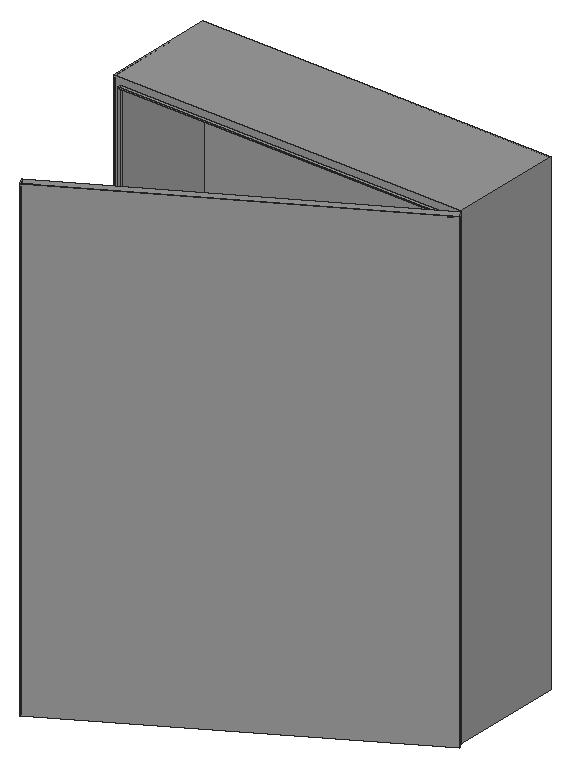
Revit family "Hager-Univers-IP55-D275-H1100-Cl.I-Steel_encl-NoHosted-CH-fr", category Electrical Equipment, Revit 2020
Family settings
  Panel Configuration = Two Columns, Circuits Across
  Round Connector Dimension = Use Diameter
  Part Type = Panelboard
  Work Plane-Based = Yes
  Always vertical = Yes
  Cut with Voids When Loaded = No
  Shared = No
  Room Calculation Point = No
Parameters (values of type "saillie IP55 L800 H1100 P275  - FR73E")
  Width Control [instance] = if([EF000008 - largeur] > Min Width, [EF000008 - largeur], Min Width)  # 800 mm
  Type Comments = [HG000003 - Gamme]  # "Univers"
  Thickness Door [instance] = if([EF009171 - épaisseur de matériau de la porte/du couvercle] > 3 mm, 3 mm, [EF009171 - épaisseur de matériau de la porte/du couvercle])  # 1.5 mm
  Seal Frame Offset [instance] = 17 mm  # constant formula
  Plinth Visibility [instance] = [HG000027 - Hauteur du socle] > 0 mm  # no
  Min Width [instance] = 100 mm  # constant formula
  Min Depth [instance] = (2 * [EF009170 - épaisseur de matériau du boîtier]) + 1 mm  # 4 mm
  Min Height [instance] = 100 mm  # constant formula
  Internal Frame Depth [instance] = (Door System Depth * 0.5)  # 9 mm
  Panel Name [instance] = ""  # (empty or 0)
  Model = ""
  HG000027 - Hauteur du socle = 0 mm
  HG000026 - Installation au sol = no
  HG000024 - Hauteur de la section basse = 600 mm
  HG000023 - Armoire double section = no
  HG000016 - Visibilité de la porte 3D [instance] = yes
  HG000015 - Visibilité de l'emprise de la porte [instance] = no
  HG000014 - Porte à droite [instance] = yes
  HG000013 - Porte à gauche [instance] = not([HG000014 - Porte à droite])  # no
  HG000012 - Angle de pivotement de la porte [instance] = 30.00°
  HG000010 - Portes asymétriques = no
  HG000009 - Porte à double battant = no
  HG000006 - Encastré = no
  HG000004 - Référence fabricant = "FR73E"
  HG000003 - Gamme = "Univers"
  HG000002 - avec porte = yes
  Frame Offset Bottom [instance] = 10 mm  # constant formula
  Frame Offset [instance] = 15 mm  # constant formula
  EF015940 - couvercle avec décharge de pression = no
  EF011959 - degré de protection (NEMA) = ""
  EF009554 - nombre d'ouvertures pour plaques à bride = 6
  EF009212 - finition du couvercle = "EV000116 - fermé"
  EF009171 - épaisseur de matériau de la porte/du couvercle = 1.5 mm
  EF009170 - épaisseur de matériau du boîtier = 1.5 mm
  EF008873 - courant nominal (In) = 800 A
  EF007800 - adapté à un parafoudre = no
  EF006306 - avec serrure = no
  EF006244 - couvercle/porte transparent(e) = no
  EF005474 - indice de protection (IP) = "EV006420 - IP55"
  EF004464 - type de porte = "EV002646 - unique"
  EF004427 - nombre de modules = 252
  EF004293 - indice de protection contre les chocs (IK) = "EV008784 - IK10"
  EF003532 - convient pour utilisation à l’extérieur = no
  EF002950 - largeur en nombre de modules = 24
  EF001613 - maintien de fonction = "EV000494 - sans"
  EF001596 - matériau du boîtier/corps = "EV000179 - acier"
  EF001131 - profondeur intérieure = 275 mm
  EF001088 - possibilité de montage en saillie = yes
  EF000437 - nombre d'entrées de conduit = 6
  EF000339 - type de capot = "EV004216 - porte"
  EF000266 - nombre de rangées = 7
  EF000218 - profondeur d'encastrement = 0 mm
  EF000118 - avec cadre/support de montage = no
  EF000116 - numéro RAL = "7035"
  EF000049 - profondeur = 275 mm
  EF000040 - hauteur = 1100 mm
  EF000008 - largeur = 800 mm
  EF000007 - couleur = "EV000270 - gris"
  EF000003 - mode de pose = "EV000384 - saillie"
  Door System Leaf Tolerance [instance] = 1.5 mm  # constant formula
  Door System Depth [instance] = 18 mm  # constant formula
  Door Height [instance] = Height Control - [HG000027 - Hauteur du socle]  # 1100 mm
  Description = ""
  Default Elevation = 1219.2 mm
  Connector Offset [instance] = Height Control / 2  # 550 mm
  Manufacturer = "Hager"  # constant formula
  Height Control [instance] = if([EF000040 - hauteur] > Min Height, [EF000040 - hauteur], Min Height)  # 1100 mm
  Depth Control [instance] = if([EF000049 - profondeur] > Min Depth, [EF000049 - profondeur], Min Depth)  # 275 mm
  Bottom Top Plate Trim [instance] = 1.5 mm  # constant formula
  Plinth height Ctrl [instance] = if([HG000027 - Hauteur du socle] > 0 mm, [HG000027 - Hauteur du socle], 12 mm)  # 12 mm
Types (5, lengths in mm): name | Width Control | HG000010 - Portes asymétriques | HG000009 - Porte à double battant | HG000004 - Référence fabricant | EF009554 - nombre d'ouvertures pour plaques à bride | EF004464 - type de porte | EF004427 - nombre de modules | EF000437 - nombre d'entrées de conduit | EF000008 - largeur
  saillie IP55 L1050 H1100 P275  - FR74E | 1050 | no | yes | "FR74E" | 8 | "EV003602 - double" | 336 | 8 | 1050
  saillie IP55 L1300 H1100 P275  - FR75E | 1300 | yes | yes | "FR75E" | 10 | "EV003602 - double" | 420 | 10 | 1300
  saillie IP55 L300 H1100 P275  - FR71E | 300 | no | no | "FR71E" | 2 | "EV002646 - unique" | 84 | 2 | 300
  saillie IP55 L550 H1100 P275  - FR72E | 550 | no | no | "FR72E" | 4 | "EV002646 - unique" | 168 | 4 | 550
  saillie IP55 L800 H1100 P275  - FR73E | 800 | no | no | "FR73E" | 6 | "EV002646 - unique" | 252 | 6 | 800
Reference planes
  plane 1 "Center (Front/Back)": y = 0
  plane 2: z = 0
  plane 3 "Center (Left/Right)": x = 0
  plane 4: y = 0
  plane 5: y = 0
  plane 6: z = 0
  plane 7: x = -400
  plane 8: x = 400
  plane 9: x = 398.5
  plane 10: x = -398.5
  plane 11: z = 0
  plane 12: z = 1.5
  plane 13: y = -275
  plane 14: y = -1.5
  plane 15: x = 0
  plane 16: y = -257
  plane 17: y = -273.5
  plane 18: y = -255.5
  plane 19: x = -383.5
  plane 20: x = 383.5
  plane 21: z = 11.5
  plane 22: x = -383
  plane 23: x = 383
  plane 24: z = 0
  plane 25: z = 1100
  plane 26: z = 1100
  plane 27: z = 1083.5
  plane 28: z = 1098.5
Forms (mm)
  Extrusion 1, solid, material "Hager_Steel_RAL7035_Light_Grey", detail levels medium+fine
    sketch origin (-208.679, -4572, 0) x (-1, 0, 0) y (0, -1, 0)
      loop
        line (191.321, -4315) -> (-608.679, -4315) -> (-608.679, -4572) -> (191.321, -4572) -> (191.321, -4315)
    from 0 to 1100
  Extrusion 2, void
    sketch origin (-350.771, -275, 1219.2) x (1, 0, 0) y (0, 0, 1)
      loop
        line (-47.729, -120.7) -> (-47.729, -1217.7) -> (749.271, -1217.7) -> (749.271, -120.7) -> (-47.729, -120.7)
    from -19.5 to -273.5
  Extrusion 3, void
    sketch origin (-290.084, -257, 1219.2) x (1, 0, 0) y (0, 0, 1)
      loop
        line (-93.416, -1207.7) -> (673.584, -1207.7) -> (673.584, -135.7) -> (-93.416, -135.7) -> (-93.416, -1207.7)
    from 0 to -1.5
  Extrusion 4, solid, material "Hager_Steel_RAL7035_Light_Grey", visible <- "Plinth Visibility", detail levels medium+fine
    sketch origin (0, 0, 0) x (1, 0, 0) y (0, 1, 0)
      loop
        line (-400, 0) -> (-400, -257) -> (400, -257) -> (400, 0) -> (-400, 0)
    from 0 to 12 <- "Plinth height Ctrl"
  Extrusion 5, solid, material "Hager_Steel_RAL7035_Light_Grey", detail levels coarse
    sketch origin (0, 0, 0) x (1, 0, 0) y (0, 1, 0)
      loop
        line (-400, 0) -> (-400, -275) -> (400, -275) -> (400, 0) -> (-400, 0)
    from 0 to 1100 <- "Height Control"
  Sweep 6, void
    path in 3D
      loop
        line (-400, -257, 12) -> (400, -257, 12) -> (400, 0, 12) -> (-400, 0, 12) -> (-400, -257, 12)
    profile origin (-400, -128.5, 12) x (1, 0, 0) y (0, 0, 1)
      loop
        line (0, 0) -> (0, -1.5) -> (1.5, -1.5)
        arc (1.5, -1.5) -> (1.061, -0.439) -> (0, 0) r 1.5
  Extrusion 7, solid, material "Hager_Steel_RAL7035_Light_Grey", detail levels fine
    sketch origin (-400, -257, 0) x (1, 0, 0) y (0, 0, 1)
      loop
        line (16.5, 11.5) -> (783.5, 11.5) -> (783.5, 1083.5) -> (16.5, 1083.5) -> (16.5, 11.5)
      loop
        line (15, 10) -> (785, 10) -> (785, 1085) -> (15, 1085) -> (15, 10)
    from 0 to 9 <- "Internal Frame Depth"
Cuts and joins
  Extrusion 2, Extrusion 3 cuts Extrusion 1
  Sweep 6 cuts Extrusion 4
Lines and regions (mm)
  Masking region 1
    outline origin (0, 0, 0) x (1, 0, 0) y (0, 1, 0)
      loop
        line (-400, 0) -> (-400, -275) -> (400, -275) -> (400, 0) -> (-400, 0)
  Masking region 2, detail levels coarse
    outline origin (-290.084, -257, 1219.2) x (-1, 0, 0) y (0, 0, 1)
      loop
        line (-690.084, -1219.2) -> (109.916, -1219.2) -> (109.916, -119.2) -> (-690.084, -119.2) -> (-690.084, -1219.2)
  Masking region 3, detail levels coarse
    outline origin (0, 0, 0) x (0, 1, 0) y (0, 0, 1)
      loop
        line (0, 0) -> (0, 1100) -> (-275, 1100) -> (-275, 0) -> (0, 0)
  Masking region 4, visible <- "Plinth Visibility", detail levels medium+fine
    outline origin (0, 0, 0) x (0, 1, 0) y (0, 0, 1)
      loop
        line (-1.5, 12) -> (-255.5, 12)
        arc (-255.5, 12) -> (-255.939, 10.939) -> (-257, 10.5) r 1.5
        line (-257, 10.5) -> (-257, 0) -> (0, 0) -> (0, 10.5)
        arc (0, 10.5) -> (-1.061, 10.939) -> (-1.5, 12) r 1.5
  Masking region 5, detail levels medium+fine
    outline origin (0, 0, 594.038) x (0, 1, 0) y (0, 0, 1)
      loop
        line (0, -594.038) -> (0, 505.962) -> (-257, 505.962) -> (-257, -594.038) -> (0, -594.038)
  Masking region 6, detail levels medium+fine
    outline origin (-359.7, -257, 1211.883) x (-1, 0, 0) y (0, 0, 1)
      loop
        line (-759.7, -1211.883) -> (40.3, -1211.883) -> (40.3, -111.883) -> (-759.7, -111.883) -> (-759.7, -1211.883)
  Masking region 7, visible <- "Plinth Visibility", detail levels medium+fine
    outline origin (-320.334, -257, 1041.368) x (-1, 0, 0) y (0, 0, 1)
      loop
        line (-720.334, -1041.368) -> (79.666, -1041.368) -> (79.666, -1030.868)
        arc (79.666, -1030.868) -> (78.606, -1030.429) -> (78.166, -1029.368) r 1.5
        line (78.166, -1029.368) -> (-718.834, -1029.368)
        arc (-718.834, -1029.368) -> (-719.273, -1030.429) -> (-720.334, -1030.868) r 1.5
        line (-720.334, -1030.868) -> (-720.334, -1041.368)
  sketch lines
    curve 1: line (-400, 0, 12) -> (-400, -257, 12)
    curve 2: line (-400, -257, 12) -> (400, -257, 12)
    curve 3: line (400, 0, 12) -> (-400, 0, 12)
    curve 4: line (400, -257, 12) -> (400, 0, 12)
Dimensions and locks
  locked: plane 1 "Center (Front/Back)" to plane 5
  "EF009170 - épaisseur de matériau du boîtier": plane 7 to plane 10
  "EF009170 - épaisseur de matériau du boîtier": plane 8 to plane 9
  equal spacing: plane 7, plane 3 "Center (Left/Right)", plane 8
  "Width Control": plane 7 to plane 8
  "Depth Control": plane 4 to plane 13
  "EF009170 - épaisseur de matériau du boîtier": plane 4 to plane 14
  "Height Control": plane 25 to level
  "HG000027 - Hauteur du socle": plane 11 to level
  "EF009170 - épaisseur de matériau du boîtier": plane 12 to plane 11
  "EF009170 - épaisseur de matériau du boîtier": plane 17 to plane 13
  "EF009170 - épaisseur de matériau du boîtier": plane 18 to plane 16
  "Frame Offset Bottom": plane 21 to plane 12
  "Frame Offset": plane 10 to plane 19
  "Frame Offset": plane 9 to plane 20
  "Door System Depth": plane 16 to plane 13
  "Seal Frame Offset": plane 7 to plane 22
  "Seal Frame Offset": plane 8 to plane 23
  "EF009170 - épaisseur de matériau du boîtier": plane 26 to plane 28
  "Frame Offset": plane 28 to plane 27
  "Connector Offset": plane 2 to connector elem
  "Bottom Top Plate Trim": profile plane to Sweep 6 sketch curve
  "Bottom Top Plate Trim": Sweep 6 sketch curve to Sweep 6 sketch curve
  "Plinth height Ctrl": Masking region 4 sketch curve to level
  "Plinth height Ctrl": Masking region 7 sketch curve to level
  "Thickness Door": Extrusion 7 sketch curve to Extrusion 7 sketch curve  (x4)
  "Bottom Top Plate Trim": radius of Sweep 6 sketch curve
  "Bottom Top Plate Trim": radius of Masking region 4 sketch curve  (x2)
  "Bottom Top Plate Trim": radius of Masking region 7 sketch curve  (x2)
  aligned and locked: Extrusion 2 sketch curve to plane 12
  aligned and locked: Extrusion 2 sketch curve to plane 9
  aligned and locked: Extrusion 2 sketch curve to plane 10
  aligned and locked: Extrusion 2 to plane 14
  aligned and locked: Extrusion 1 sketch curve to plane 4
  aligned and locked: plane 8 to Extrusion 1 sketch curve
  aligned and locked: plane 7 to Extrusion 1 sketch curve
  aligned and locked: Extrusion 2 to plane 18
  aligned and locked: Extrusion 3 sketch curve to plane 19
  aligned and locked: plane 20 to Extrusion 3 sketch curve
  aligned and locked: Extrusion 3 to Extrusion 2
  aligned and locked: Extrusion 3 sketch curve to plane 21
  aligned and locked: plane 3 "Center (Left/Right)" to nested 1
  aligned and locked: Extrusion 1 sketch curve to plane 16
  aligned and locked: Extrusion 4 sketch curve to cut or joined group of Extrusion 1, Extrusion 2, Extrusion 3
  aligned and locked: Masking region 1 sketch curve to plane 7
  aligned and locked: Masking region 1 sketch curve to plane 5
  aligned and locked: Masking region 1 sketch curve to plane 8
  aligned and locked: Masking region 2 sketch curve to level
  aligned and locked: level to Masking region 3 sketch curve
  aligned and locked: plane 1 "Center (Front/Back)" to Masking region 3 sketch curve
  aligned and locked: plane 13 to Masking region 3 sketch curve
  aligned and locked: plane 5 to Masking region 4 sketch curve
  aligned and locked: Masking region 2 sketch curve to plane 8
  aligned and locked: Masking region 2 sketch curve to plane 7
  aligned and locked: plane 7 to nested 2
  aligned and locked: nested 2 to plane 5
  aligned and locked: plane 5 to Masking region 5 sketch curve
  aligned and locked: plane 26 to Masking region 5 sketch curve
  aligned and locked: Extrusion 5 sketch curve to plane 8
  aligned and locked: Extrusion 5 sketch curve to plane 7
  aligned and locked: Extrusion 5 sketch curve to plane 5
  aligned and locked: Extrusion 3 sketch curve to plane 27
  aligned and locked: Extrusion 2 sketch curve to plane 28
  aligned and locked: Masking region 2 to plane 25
  aligned and locked: Extrusion 4 to plane 16
  aligned and locked: profile plane to Sweep 6 sketch curve
  aligned and locked: Masking region 5 sketch curve to plane 24
  aligned and locked: level to Masking region 4 sketch curve
  aligned and locked: Masking region 1 to plane 13
  aligned and locked: nested 1 to plane 16
  aligned and locked: Masking region 3 to plane 25
  aligned and locked: plane 16 to Masking region 4 sketch curve
  aligned and locked: Masking region 5 sketch curve to plane 16
  aligned and locked: plane 24 to plane 11
  aligned and locked: plane 26 to plane 25
  aligned and locked: plane 26 to cut or joined group of Extrusion 1, Extrusion 2, Extrusion 3
  aligned and locked: nested 1 to plane 24
  aligned and locked: Extrusion 1 to Extrusion 3
  aligned and locked: Masking region 6 sketch curve to plane 8
  aligned and locked: Masking region 6 sketch curve to plane 24
  aligned and locked: Masking region 6 sketch curve to plane 7
  aligned and locked: Masking region 6 sketch curve to plane 26
  aligned and locked: Masking region 7 sketch curve to plane 7
  aligned and locked: level to Masking region 7 sketch curve
  aligned and locked: Masking region 7 sketch curve to plane 8
  aligned and locked: Extrusion 7 sketch curve to cut or joined group of Extrusion 1, Extrusion 2, Extrusion 3  (x4)
Automatic sketch dimensions
  plane 19 to Extrusion 3 sketch curve = 0 mm
  Extrusion 3 sketch curve to plane 20 = 0 mm
  Extrusion 3 sketch curve to plane 21 = 0 mm
  Extrusion 4 sketch curve to plane 7 = 0 mm
  Extrusion 4 sketch curve to plane 8 = 0 mm
  Extrusion 4 sketch curve to plane 16 = 0 mm
  Masking region 1 sketch curve to plane 13 = 0 mm
  Masking region 2 sketch curve to plane 25 = 0 mm
  Masking region 3 sketch curve to plane 25 = 0 mm
  Extrusion 5 sketch curve to plane 13 = 0 mm
  profile plane to Sweep 6 sketch curve = 0 mm
Nested families
  nested 1: "EC000058_Univers_Door" at (0, -257, 0), Double <- "HG000009 - Porte à double battant", Transparent <- "EF006244 - couvercle/porte transparent(e)", Angle <- "HG000012 - Angle de pivotement de la porte", Door_Right <- "HG000014 - Porte à droite", Assymetrical <- "HG000010 - Portes asymétriques", Door <- "HG000002 - avec porte", Width_Ctrl <- "Width Control", 3d_Door <- "HG000016 - Visibilité de la porte 3D", Clearance <- "HG000015 - Visibilité de l'emprise de la porte", Door_Left <- "HG000013 - Porte à gauche", Width <- "Width Control", Door_Depth <- "Door System Depth", Leaf_Tolerance <- "Door System Leaf Tolerance", Height <- "Door Height", Lock_Visibility <- "EF006306 - avec serrure", Thickness <- "Thickness Door", type "EC000058_Univers_Door", detail levels medium+fine
    with min_wh 4 mm, Width_Ctrl 800 mm, Width 800 mm, Transparent no, Thickness 1.5 mm, Seal_Material Hager_Rubber, Lock_Visibility no, Lock_Material Hager_Plastic_RAL9005_Jet_Black, Leaf_Width 800 mm, Leaf_Tolerance_External_Sides 0 mm, Leaf_Tolerance 1.5 mm, Leaf_Offset 0 mm, Leaf_Height 1097 mm, Leaf_2_Width 800 mm, Leaf_2_Offset 400 mm, Leaf_1_Width 800 mm, Leaf_1_Offset 400 mm, Height_Ctrl 1100 mm, Height 1100 mm, Glass_Material Hager_Glass, Double_Clearance_Ctrl no, Double no, Door_Right_Ctrl yes, Door_Right yes, Door_Material Hager_Steel_RAL7035_Light_Grey, Door_Left_Ctrl no, Door_Left no, Door_Depth 18 mm, Door yes, Clearance_Material Hager_Clearance, Clearance_Depth 800 mm, Clearance_Ctrl no, Clearance no, Assymetrical no, Angle 30.00°, 3d_Door yes
  nested 2: "Hager_Enclosure_Symbol" at (-400, 0, 0), Height <- "Depth Control", Width <- "Width Control", type "Hager_Enclosure_Symbol"
    with Width_Ctrl 800 mm, Width 800 mm, Height_Ctrl 275 mm, Height 275 mm, A_Width_Int 18.047 mm, A_Width 216.562 mm, A_Height_Ctrl 240.625 mm, A_Height 240.625 mm
Connectors
  electrical at (0, 0, 550)
    settings: on plane 1 "Center (Front/Back)", index 1, voltage 0 V, apparent load 0 VA, apparent load phase1 0 VA, apparent load phase2 0 VA, apparent load phase3 0 VA, power factor 1, load classification "Other", number of poles 1, system type 30, power factor state 1, is connector primary yes, connector utility no, sub classification motor no, connector description ""
Definition of nested family "EC000058_Univers_Door"
  Parameters (values of type "EC000058_Univers_Door")
    min_wh [instance] = (2 * Thickness) + 1 mm  # 11 mm
    Width_Ctrl [instance] = 400 mm
    Width [instance] = 500 mm
    Transparent [instance] = yes
    Thickness [instance] = 5 mm
    Seal_Material [instance] = none
    Lock_Visibility [instance] = yes
    Lock_Material [instance] = none
    Leaf_Width [instance] = if((Width_Ctrl - 2 * Leaf_Tolerance_External_Sides) > 0 mm, (Width_Ctrl - 2 * Leaf_Tolerance_External_Sides), min_wh)  # 400 mm
    Leaf_Tolerance_External_Sides [instance] = 0 mm  # constant formula
    Leaf_Tolerance [instance] = 1.5 mm
    Leaf_Offset [instance] = 0 mm  # constant formula
    Leaf_Height [instance] = if((Height_Ctrl - 2 * Leaf_Tolerance) > 0 mm, (Height_Ctrl - 2 * Leaf_Tolerance), min_wh)  # 497 mm
    Leaf_2_Width [instance] = if(and(and(Double, Assymetrical), Door_Left), (Leaf_Width / 3) - (Leaf_Tolerance / 2), if(and(and(Double, Assymetrical), Door_Right), (Leaf_Width / 3) * 2 - (Leaf_Tolerance / 2), if(and(Double, not(Assymetrical)), (Leaf_Width / 2) - Leaf_Tolerance, Leaf_Width)))  # 400 mm
    Leaf_2_Offset [instance] = if(and(Double, Assymetrical), Leaf_2_Width / 2, if(and(Double, not(Assymetrical)), Leaf_Width / 4, Leaf_Width / 2))  # 200 mm
    Leaf_1_Width [instance] = if(and(and(Double, Assymetrical), Door_Right), (Leaf_Width / 3) - (Leaf_Tolerance / 2), if(and(and(Double, Assymetrical), Door_Left), (Width / 3) * 2 - (Leaf_Tolerance / 2), if(and(Double, not(Assymetrical)), (Leaf_Width / 2) - Leaf_Tolerance, Leaf_Width)))  # 400 mm
    Leaf_1_Offset [instance] = if(and(Double, Assymetrical), Leaf_1_Width / 2, if(and(Double, not(Assymetrical)), Leaf_Width / 4, Leaf_Width / 2))  # 200 mm
    Height_Ctrl [instance] = if(Height > min_wh, Height, min_wh)  # 500 mm
    Height [instance] = 500 mm
    Glass_Material [instance] = none
    Double_Clearance_Ctrl [instance] = and(Double, Clearance)  # no
    Double [instance] = no
    Door_Right_Ctrl [instance] = and(or(Door_Right, Double), Door)  # yes
    Door_Right [instance] = yes
    Door_Material [instance] = none
    Door_Left_Ctrl [instance] = and(or(Door_Left, Double), Door)  # no
    Door_Left [instance] = no
    Door_Depth [instance] = 30 mm
    Door [instance] = yes
    Default Elevation = 1219.2 mm
    Clearance_Material [instance] = none
    Clearance_Depth [instance] = if(Leaf_1_Width > Leaf_2_Width, Leaf_1_Width, Leaf_2_Width)  # 400 mm
    Clearance_Ctrl [instance] = and(not(Double), Clearance)  # yes
    Clearance [instance] = yes
    Assymetrical [instance] = yes
    Angle [instance] = 30.00°
    3d_Door [instance] = yes
  Reference planes
    plane 1 "Center (Front/Back)": y = 0
    plane 2 "Bottom": z = 0
    plane 3 "Center (Left/Right)": x = 0
    plane 4: z = 500
    plane 5: x = -200
    plane 6: x = 200
    plane 7: z = 500
    plane 8: x = -200
    plane 9: z = 0
    plane 10: x = 200
    plane 11: y = 0
    plane 12: z = 1.5
    plane 13: x = -600
    plane 14: y = -400
    plane 15: x = 600
    plane 16: x = 0
    plane 17: x = 0
    plane 18: x = -200
    plane 19: x = 200
    plane 20: z = 498.5
  Forms (mm)
    Extrusion 1, solid, material <- "Clearance_Material", visible <- "Double_Clearance_Ctrl"
      sketch origin (1200, 0, 0) x (1, 0, 0) y (0, 0, -1)
        loop
          line (-1800, -498.5) -> (-600, -498.5) -> (-600, 0) -> (-1800, 0) -> (-1800, -498.5)
      from 0 to -400
  Dimensions and locks
    equal spacing: plane 5, plane 3 "Center (Left/Right)", plane 6
    "Width_Ctrl": plane 5 to plane 6
    "Leaf_Offset": plane 5 to plane 8
    "Leaf_Offset": plane 6 to plane 10
    "Leaf_Offset": plane 9 to level
    "Leaf_Offset": plane 4 to plane 7
    "Height_Ctrl": plane 4 to level
    "Leaf_Tolerance": plane 12 to plane 9
    locked: plane 11 to plane 1 "Center (Front/Back)"
    "Leaf_1_Offset": plane 18 to plane 16
    "Leaf_2_Offset": plane 17 to plane 19
    "Leaf_1_Width": plane 13 to plane 8
    "Leaf_2_Width": plane 10 to plane 15
    "Clearance_Depth": plane 14 to plane 1 "Center (Front/Back)"
    "Leaf_Tolerance_External_Sides": plane 8 to plane 18
    "Leaf_Tolerance_External_Sides": plane 19 to plane 10
    "Leaf_Tolerance": plane 7 to plane 20
    aligned and locked: level to plane 2 "Bottom"
    aligned and locked: nested 1 to plane 16
    aligned and locked: nested 2 to plane 17
    aligned and locked: Extrusion 1 to plane 13
    aligned and locked: plane 15 to Extrusion 1
    aligned and locked: Extrusion 1 to plane 14
    aligned and locked: plane 12 to nested 1
    aligned and locked: nested 2 to plane 12
    aligned and locked: Extrusion 1 to plane 11
    aligned and locked: plane 20 to Extrusion 1
    aligned and locked: nested 2 to plane 11
    aligned and locked: nested 1 to plane 11
  Automatic sketch dimensions
    Extrusion 1 sketch curve to level = 0 mm
    plane 5 to Extrusion 1 sketch curve = 400 mm
    plane 6 to Extrusion 1 sketch curve = 400 mm
    Extrusion 1 sketch curve to plane 4 = 1.5 mm
  Nested families
    nested 1: "EC000058_Univers_Door_Leaf" at (0, 0, 1.5), Width <- "Leaf_1_Width", visible <- "Door_Left_Ctrl", Leaf_Height <- "Leaf_Height", Angle <- "Angle", 3d_Door <- "3d_Door", Transparent <- "Transparent", Clearance Material <- "Clearance_Material", Clearance <- "Clearance_Ctrl", Door_Material <- "Door_Material", Glass_Material <- "Glass_Material", Door_Depth <- "Door_Depth", Lock_Material <- "Lock_Material", Seal_Material <- "Seal_Material", Lock_Visibility <- "Lock_Visibility", Thickness <- "Thickness", type "EC000058_Univers_Door_Leaf"
      with Width 400 mm, Transparent_Glass_Offset 30 mm, Transparent_Ctrl yes, Transparent yes, Thickness 5 mm, Standard no, Seal_Material none, Seal_D2 8 mm, Seal_D1 1 mm, Offset_Internal_Frame 10 mm, Lock_Width 20 mm, Lock_Visibility_3d yes, Lock_Visibility yes, Lock_Thickness_3 3 mm, Lock_Thickness_2 1 mm, Lock_Thickness_1 3 mm, Lock_Radius_Offset_2 16 mm, Lock_Radius_Offset_1 15 mm, Lock_Radius_2 5 mm, Lock_Radius 6 mm, Lock_Offset 5 mm, Lock_Material none, Lock_Height 80 mm, Lock_Cover_Top_Offset_2d 17 mm, Lock_Cover_Height -65 mm, Leaf_Height 497 mm, Internal_Seal_Thickness 8 mm, Internal_Seal_Depth_2 4.5 mm, Internal_Frame_Depth 25 mm, Glass_Thickness -1 mm, Glass_Offset -2 mm, Glass_Material none, Door_Material none, Door_Depth 30 mm, Clearance Material none, Clearance yes, Angle_Ctrl 30.00°, Angle 30.00°, 3d_Door yes
    nested 2: "EC000058_Univers_Door_Leaf" at (0, 0, 1.5) x (-1, 0, 0) z (0, 0, 1), Width <- "Leaf_2_Width", visible <- "Door_Right_Ctrl", Leaf_Height <- "Leaf_Height", Angle <- "Angle", 3d_Door <- "3d_Door", Transparent <- "Transparent", Clearance Material <- "Clearance_Material", Clearance <- "Clearance_Ctrl", Door_Material <- "Door_Material", Glass_Material <- "Glass_Material", Door_Depth <- "Door_Depth", Lock_Material <- "Lock_Material", Seal_Material <- "Seal_Material", Lock_Visibility <- "Lock_Visibility", Thickness <- "Thickness", type "EC000058_Univers_Door_Leaf"
      with Width 400 mm, Transparent_Glass_Offset 30 mm, Transparent_Ctrl yes, Transparent yes, Thickness 5 mm, Standard no, Seal_Material none, Seal_D2 8 mm, Seal_D1 1 mm, Offset_Internal_Frame 10 mm, Lock_Width 20 mm, Lock_Visibility_3d yes, Lock_Visibility yes, Lock_Thickness_3 3 mm, Lock_Thickness_2 1 mm, Lock_Thickness_1 3 mm, Lock_Radius_Offset_2 16 mm, Lock_Radius_Offset_1 15 mm, Lock_Radius_2 5 mm, Lock_Radius 6 mm, Lock_Offset 5 mm, Lock_Material none, Lock_Height 80 mm, Lock_Cover_Top_Offset_2d 17 mm, Lock_Cover_Height -65 mm, Leaf_Height 497 mm, Internal_Seal_Thickness 8 mm, Internal_Seal_Depth_2 4.5 mm, Internal_Frame_Depth 25 mm, Glass_Thickness -1 mm, Glass_Offset -2 mm, Glass_Material none, Door_Material none, Door_Depth 30 mm, Clearance Material none, Clearance yes, Angle_Ctrl 30.00°, Angle 30.00°, 3d_Door yes
  Definition of nested family "EC000058_Univers_Door_Leaf"
    Parameters (values of type "EC000058_Univers_Door_Leaf")
      Width [instance] = 2000 mm
      Transparent_Glass_Offset [instance] = 30 mm
      Transparent_Ctrl [instance] = and(Transparent, [3d_Door])  # yes
      Transparent [instance] = yes
      Thickness [instance] = 5 mm
      Standard [instance] = and(not(Transparent), [3d_Door])  # no
      Seal_Material [instance] = none
      Seal_D2 [instance] = 8 mm  # constant formula
      Seal_D1 [instance] = 1 mm  # constant formula
      Offset_Internal_Frame [instance] = 10 mm  # constant formula
      Lock_Width [instance] = 20 mm  # constant formula
      Lock_Visibility_3d [instance] = and(Lock_Visibility, [3d_Door])  # yes
      Lock_Visibility [instance] = yes
      Lock_Thickness_3 [instance] = 3 mm  # constant formula
      Lock_Thickness_2 [instance] = 1 mm  # constant formula
      Lock_Thickness_1 [instance] = 3 mm  # constant formula
      Lock_Radius_Offset_2 [instance] = Lock_Radius_Offset_1 + 1 mm  # 16 mm
      Lock_Radius_Offset_1 [instance] = 15 mm  # constant formula
      Lock_Radius_2 [instance] = Lock_Radius - 1 mm  # 5 mm
      Lock_Radius [instance] = 6 mm  # constant formula
      Lock_Offset [instance] = 5 mm  # constant formula
      Lock_Material [instance] = none
      Lock_Height [instance] = 80 mm  # constant formula
      Lock_Cover_Top_Offset_2d [instance] = Lock_Radius_Offset_2 + 1 mm  # 17 mm
      Lock_Cover_Height [instance] = -(Lock_Height - Lock_Radius_Offset_1)  # -65 mm
      Leaf_Height [instance] = 2720.336 mm
      Internal_Seal_Thickness [instance] = 8 mm  # constant formula
      Internal_Seal_Depth_2 [instance] = 4.5 mm  # constant formula
      Internal_Frame_Depth [instance] = if(Door_Depth - Thickness > 5 mm, Door_Depth - Thickness, 5 mm)  # 25 mm
      Glass_Thickness [instance] = if(Thickness > 15 mm, Glass_Offset + 10 mm, -1 mm)  # -1 mm
      Glass_Offset [instance] = if(Thickness > 15 mm, -(Thickness + 10 mm) / 2, -2 mm)  # -2 mm
      Glass_Material [instance] = none
      Door_Material [instance] = none
      Door_Depth [instance] = 30 mm
      Default Elevation = 0 mm
      Clearance Material [instance] = none
      Clearance [instance] = yes
      Angle_Ctrl [instance] = if(Angle > 180.00°, 180.00°, Angle)  # 90.00°
      Angle [instance] = 90.00°
      3d_Door [instance] = yes
    Reference planes
      plane 1 "Center (Front/Back)": y = 0
      plane 2: z = 0
      plane 3 "Center (Left/Right)": x = 0
      plane 4: y = 2000
      plane 5: x = -1000
      plane 6: x = 1000
      plane 7: x = -3000
      plane 8: z = 2720.336
      plane 9: z = 30
      plane 10: z = 2690.336
      plane 11: x = 970
      plane 12: x = -970
      plane 13: y = -3
      plane 14: z = 107.833
      plane 15: y = -5
      plane 16: y = -223.314
      plane 17: x = -1000
      plane 18: z = 1360.168
      plane 19: y = 30
    Forms (mm)
      Extrusion 1, solid, material <- "Clearance Material", visible <- "Clearance"
        sketch origin (0, 0, 0) x (1, 0, 0) y (0, 0, 1)
          loop
            line (-3000, 2720.336) -> (-3000, 0) -> (1000, 0) -> (1000, 2720.336) -> (-3000, 2720.336)
        from 0 to -2000
      Extrusion 2, solid, material <- "Door_Material", visible <- "Standard", detail levels medium+fine
        sketch origin (-1000, 0, 0) x (0, 1, 0) y (-1, 0, 0)
          loop
            line (0, 30) -> (0, 25) -> (2000, 25) -> (2000, 30) -> (0, 30)
        from 0 to 2720.336 <- "Leaf_Height"
      Extrusion 3, solid, material <- "Door_Material", visible <- "Transparent_Ctrl", detail levels medium+fine
        sketch origin (-1000, 0, 0) x (0, 1, 0) y (-1, 0, 0)
          loop
            line (0, 25) -> (2000, 25) -> (2000, 30) -> (0, 30) -> (0, 25)
        from 0 to 2720.336 <- "Leaf_Height"
      Extrusion 4, void
        sketch origin (-1025, 2000, 0) x (0, 1, 0) y (0, 0, -1)
          loop
            line (-30, -2690.336) -> (-30, -30) -> (-1970, -30) -> (-1970, -2690.336) -> (-30, -2690.336)
        from 0 to 5 <- "Thickness"
      Sweep 5, solid, material <- "Seal_Material", visible <- "Transparent_Ctrl", detail levels fine
        path in 3D
          loop
            line (-1025, 30, 30) -> (-1025, 30, 2690.336) -> (-1025, 1970, 2690.336) -> (-1025, 1970, 30) -> (-1025, 30, 30)
        profile origin (-1025, 1000, 30) x (1, 0, 0) y (0, 0, 1)
          loop
            line (0, 0) -> (0, -8) -> (1, -8) -> (1, 0) -> (0, 0)
      Extrusion 6, solid, material <- "Glass_Material", visible <- "Transparent_Ctrl", detail levels medium+fine
        sketch origin (-1030, 0, 0) x (0, 1, 0) y (0, 0, -1)
          loop
            line (1970, -2690.336) -> (1970, -30) -> (30, -30) -> (30, -2690.336) -> (1970, -2690.336)
        from -2 <- "Glass_Offset" to -1 <- "Glass_Thickness"
      Extrusion 7, solid, material <- "Door_Material", visible <- "3d_Door", detail levels medium+fine
        sketch origin (-1025, 2000, 0) x (0, -1, 0) y (0, 0, -1)
          loop
            line (0, -2720.336) -> (2000, -2720.336) -> (2000, 0) -> (0, 0) -> (0, -2720.336)
          loop
            line (1995, -5) -> (5, -5) -> (5, -2715.336) -> (1995, -2715.336) -> (1995, -5)
        from 0 to 25 <- "Internal_Frame_Depth"
      Sweep 8, solid, material <- "Seal_Material", visible <- "Transparent_Ctrl", detail levels fine
        path in 3D
          loop
            line (-1025, 0, 0) -> (-1025, 2000, 0) -> (-1025, 2000, 2720.336) -> (-1025, 0, 2720.336) -> (-1025, 0, 0)
        profile origin (-1025, 0, 1360.168) x (1, 0, 0) y (0, 1, 0)
          loop
            line (0, 10) -> (2.975, 10)
            arc (2.975, 10) -> (4.053, 10.447) -> (4.5, 11.525) r 1.525
            line (4.5, 11.525) -> (4.5, 16.527)
            arc (4.5, 16.527) -> (4.069, 17.569) -> (3.027, 18) r 1.473
            line (3.027, 18) -> (0, 18) -> (0, 10)
      Extrusion 9, solid, material <- "Lock_Material", visible <- "Lock_Visibility_3d", detail levels fine
        sketch origin (-1030, 0, 0) x (0, 1, 0) y (0, 0, -1)
          loop
            arc (1993.5, -1400.168) -> (1994.561, -1399.729) -> (1995, -1398.668) r 1.5
            line (1995, -1398.668) -> (1995, -1320.168) -> (1975, -1320.168) -> (1975, -1398.668)
            arc (1975, -1398.668) -> (1975.439, -1399.729) -> (1976.5, -1400.168) r 1.5
            line (1976.5, -1400.168) -> (1993.5, -1400.168)
        from 3 <- "Lock_Thickness_1" to 0
      Blend 10, solid, material <- "Lock_Material", visible <- "Lock_Visibility_3d", detail levels fine
        base sketch origin (-1033, 0, 0) x (0, 1, 0) y (0, 0, -1)
          loop
            line (1975, -1320.168) -> (1975, -1398.668)
            arc (1975, -1398.668) -> (1975.439, -1399.729) -> (1976.5, -1400.168) r 1.5
            line (1976.5, -1400.168) -> (1993.5, -1400.168)
            arc (1993.5, -1400.168) -> (1994.561, -1399.729) -> (1995, -1398.668) r 1.5
            line (1995, -1398.668) -> (1995, -1320.168) -> (1975, -1320.168)
        top sketch origin (-1033, 0, 0) x (0, 1, 0) y (0, 0, -1)
          loop
            line (1976, -1320.168) -> (1976, -1398.668)
            arc (1976, -1398.668) -> (1976.146, -1399.022) -> (1976.5, -1399.168) r 0.5
            line (1976.5, -1399.168) -> (1993.5, -1399.168)
            arc (1993.5, -1399.168) -> (1993.854, -1399.022) -> (1994, -1398.668) r 0.5
            line (1994, -1398.668) -> (1994, -1320.168) -> (1976, -1320.168)
        from 0 to 1 <- "Lock_Thickness_2"
      Blend 11, solid, material <- "Lock_Material", visible <- "Lock_Visibility_3d", detail levels fine
        base sketch origin (-1034, 0, 0) x (0, 1, 0) y (0, 0, -1)
          loop
            line (1978, -1320.168) -> (1978, -1384.168)
            arc (1978, -1384.168) -> (1985, -1391.168) -> (1992, -1384.168) r 7
            line (1992, -1384.168) -> (1992, -1320.168) -> (1978, -1320.168)
        top sketch origin (-1034, 0, 0) x (0, 1, 0) y (0, 0, -1)
          loop
            line (1991, -1320.168) -> (1979, -1320.168) -> (1979, -1383.168)
            arc (1979, -1383.168) -> (1985, -1389.168) -> (1991, -1383.168) r 6
            line (1991, -1383.168) -> (1991, -1320.168)
        from 0 to 3 <- "Lock_Thickness_3"
      Extrusion 12, solid, material <- "Lock_Material", visible <- "Lock_Visibility_3d", detail levels fine
        sketch origin (-1030, 1975, 1320.168) x (1, 0, 0) y (0, -1, 0)
          loop
            line (-7, -19) -> (-7, -1) -> (0, -1) -> (0, 0) -> (-8, 0) -> (-8, -20) -> (0, -20) -> (0, -19) -> (-7, -19)
        from 0 to -65 <- "Lock_Cover_Height"
      Extrusion 13, void
        sketch origin (-1038, 1995, 1320.168) x (-1, 0, 0) y (0, 0, -1)
          loop
            line (-5, -65) -> (0, -65) -> (-5, -60) -> (-5, -65)
        from 0 to 20 <- "Lock_Width"
      Extrusion 14, void
        sketch origin (-1038, 1975, 1320.168) x (0, -1, 0) y (0, 0, -1)
          loop
            circle (-10, -15.995) r 6
          loop
            circle (-10, -15.995) r 5
        from 0 to 2
      Extrusion 15, solid, material <- "Lock_Material", visible <- "Lock_Visibility_3d", detail levels medium
        sketch origin (-1030, 0, 0) x (0, 1, 0) y (0, 0, -1)
          loop
            arc (1993.5, -1400.168) -> (1994.561, -1399.729) -> (1995, -1398.668) r 1.5
            line (1995, -1398.668) -> (1995, -1320.168) -> (1975, -1320.168) -> (1975, -1398.668)
            arc (1975, -1398.668) -> (1975.439, -1399.729) -> (1976.5, -1400.168) r 1.5
            line (1976.5, -1400.168) -> (1993.5, -1400.168)
        from 8 to 0
    Cuts and joins
      Extrusion 4 cuts Extrusion 3
      Extrusion 13, Extrusion 14 cuts Extrusion 9
      Extrusion 14 cuts Blend 11
      Extrusion 13, Extrusion 14 cuts Extrusion 12
      joined: Extrusion 9, Blend 10, Blend 11, Extrusion 12
      Extrusion 14 cuts Extrusion 15
    Lines and regions (mm)
      Masking region 1, visible <- "Lock_Visibility", detail levels fine
        outline origin (0, 0, 0) x (0, 1, 0) y (0, 0, 1)
          loop
            line (30, 1320.168) -> (33, 1320.168) -> (33, 1400.168) -> (30, 1400.168) -> (30, 1320.168)
      Masking region 2, visible <- "Lock_Visibility", detail levels fine
        outline origin (0, 3.143, 0) x (0, 1, 0) y (0, 0, 1)
          loop
            line (29.857, 1354.168) -> (30.857, 1354.168) -> (30.857, 1366.168) -> (29.857, 1366.168) -> (29.857, 1354.168)
      Masking region 3, detail levels medium+fine
        outline origin (0, 0, 0) x (0, 1, 0) y (0, 0, 1)
          loop
            line (0, 0) -> (30, 0) -> (30, 2720.336) -> (0, 2720.336) -> (0, 0)
      Masking region 4, detail levels medium+fine
        outline origin (0, 0, 0) x (1, 0, 0) y (0, 0, 1)
          loop
            line (-1000, 2720.336) -> (-1000, 0) -> (1000, 0) -> (1000, 2720.336) -> (-1000, 2720.336)
      Masking region 5, visible <- "Lock_Visibility", detail levels fine
        outline origin (-47.116, 0, 0) x (1, 0, 0) y (0, 0, 1)
          loop
            arc (1024.616, 1399.168) -> (1023.556, 1398.729) -> (1023.116, 1397.668) r 1.5
            line (1023.116, 1397.668) -> (1023.116, 1320.168) -> (1041.116, 1320.168) -> (1041.116, 1397.668)
            arc (1041.116, 1397.668) -> (1040.677, 1398.729) -> (1039.616, 1399.168) r 1.5
            line (1039.616, 1399.168) -> (1024.616, 1399.168)
      Masking region 6, visible <- "Lock_Visibility", detail levels medium+fine
        outline origin (-25, 0, 0) x (1, 0, 0) y (0, 0, 1)
          loop
            arc (1001.5, 1400.168) -> (1000.439, 1399.729) -> (1000, 1398.668) r 1.5
            line (1000, 1398.668) -> (1000, 1320.168) -> (1020, 1320.168) -> (1020, 1398.668)
            arc (1020, 1398.668) -> (1019.561, 1399.729) -> (1018.5, 1400.168) r 1.5
            line (1018.5, 1400.168) -> (1001.5, 1400.168)
      Masking region 7, visible <- "Lock_Visibility", detail levels fine
        outline origin (-73.735, 0, 0) x (1, 0, 0) y (0, 0, 1)
          loop
            line (1051.735, 1382.168) -> (1065.735, 1382.168) -> (1065.735, 1384.168)
            arc (1065.735, 1384.168) -> (1058.735, 1391.168) -> (1051.735, 1384.168) r 7
            line (1051.735, 1384.168) -> (1051.735, 1382.168)
      Masking region 8, visible <- "Lock_Visibility", detail levels fine
        outline origin (-73.735, 0, 0) x (1, 0, 0) y (0, 0, 1)
          loop
            line (1052.735, 1382.168) -> (1064.735, 1382.168) -> (1064.735, 1383.168)
            arc (1064.735, 1383.168) -> (1058.735, 1389.168) -> (1052.735, 1383.168) r 6
            line (1052.735, 1383.168) -> (1052.735, 1382.168)
      Masking region 9, visible <- "Lock_Visibility", detail levels fine
        outline origin (-25, 0, 0) x (1, 0, 0) y (0, 0, 1)
          loop
            line (1020, 1320.168) -> (1020, 1382.168) -> (1000, 1382.168) -> (1000, 1320.168) -> (1020, 1320.168)
      Masking region 10, detail levels medium+fine
        outline origin (0, 0, 0) x (1, 0, 0) y (0, 0, 1)
          loop
            circle (985, 1335.144) r 6
      Masking region 11, detail levels fine
        outline origin (0, 0, 0) x (1, 0, 0) y (0, 0, 1)
          loop
            circle (985, 1335.144) r 5
      Masking region 12, visible <- "Lock_Visibility", detail levels fine
        outline origin (0, 12.767, 0) x (0, 1, 0) y (0, 0, 1)
          loop
            line (20.233, 1320.168) -> (21.233, 1320.168) -> (21.233, 1399.168) -> (20.233, 1400.168) -> (20.233, 1320.168)
      Masking region 13, visible <- "Lock_Visibility", detail levels fine
        outline origin (0, 13.767, -10) x (0, 1, 0) y (0, 0, 1)
          loop
            line (20.233, 1330.168) -> (23.233, 1330.168) -> (23.233, 1399.168) -> (20.233, 1402.168) -> (20.233, 1330.168)
      Masking region 14, visible <- "Lock_Visibility", detail levels fine
        outline origin (0, 12.767, -10) x (0, 1, 0) y (0, 0, 1)
          loop
            line (20.233, 1330.168) -> (25.233, 1330.168) -> (25.233, 1399.305) -> (20.233, 1394.305) -> (20.233, 1330.168)
      Masking region 15, visible <- "Lock_Visibility", detail levels medium
        outline origin (0, 0, 0) x (0, 1, 0) y (0, 0, 1)
          loop
            line (30, 1320.168) -> (38, 1320.168) -> (38, 1400.168) -> (30, 1400.168) -> (30, 1320.168)
      Masking region 16, visible <- "Lock_Visibility", detail levels fine
        outline origin (-1000, 0, 0) x (0, 1, 0) y (-1, 0, 0)
          loop
            line (1975, 30) -> (1995, 30) -> (1995, 38) -> (1975, 38) -> (1975, 30)
          loop
            line (1979, 37) -> (1976, 37) -> (1976, 34) -> (1978, 34) -> (1979, 37)
          loop
            line (1994, 37) -> (1991, 37) -> (1992, 34) -> (1994, 34) -> (1994, 37)
      Masking region 17, visible <- "Lock_Visibility", detail levels medium
        outline origin (-1000, 0, 0) x (0, 1, 0) y (-1, 0, 0)
          loop
            line (1975, 30) -> (1995, 30) -> (1995, 38) -> (1975, 38) -> (1975, 30)
      symbolic lines
        curve 1: line (1000, 0, 0) -> (-3000, 0, 0)
        curve 2: arc (1000, 0, 0) -> (-1000, 2000, 0) -> (-3000, 0, 0) r 2000
        curve 4: line (-1030, 0, 0) -> (-1030, 2000, 0)
      reference lines
        curve 3: line (-1000, 0, 0) -> (-1000, 2000, 0)
      symbolic lines, detail levels medium+fine
        curve 5: line (-1030, 2000, 0) -> (-1025, 2000, 0)
        curve 7: line (-1025, 0, 0) -> (-1030, 0, 0)
        curve 8: line (-1025, 0, 0) -> (-1000, 0, 0)
        curve 9: line (-1000, 0, 0) -> (-1000, 2000, 0)
        curve 10: line (-1000, 2000, 0) -> (-1025, 2000, 0)
      symbolic lines, detail levels fine
        curve 6: line (-1025, 2000, 0) -> (-1025, 0, 0)
      sketch lines
        curve 11: line (-1025, 0, 2720.336) -> (-1025, 0, 0)
        curve 12: line (-1025, 2000, 0) -> (-1025, 0, 0)
        curve 13: line (-1025, 2000, 2720.336) -> (-1025, 2000, 0)
        curve 14: line (-1025, 0, 2720.336) -> (-1025, 2000, 2720.336)
        curve 15: line (-1025, 1970, 30) -> (-1025, 30, 30)
        curve 16: line (-1025, 30, 30) -> (-1025, 30, 2690.336)
        curve 17: line (-1025, 1970, 2690.336) -> (-1025, 1970, 30)
        curve 18: line (-1025, 30, 2690.336) -> (-1025, 1970, 2690.336)
      symbolic lines, visible <- "Transparent", detail levels medium+fine
        curve 19: line (-970, 0, 2690.336) -> (970, 0, 2690.336)
        curve 20: line (-970, 0, 30) -> (-970, 0, 2690.336)
        curve 21: line (970, 0, 30) -> (-970, 0, 30)
        curve 22: line (970, 0, 2690.336) -> (970, 0, 30)
    Dimensions and locks
      "Width": plane 1 "Center (Front/Back)" to plane 4
      equal spacing: plane 5, plane 3 "Center (Left/Right)", plane 6
      "Width": plane 5 to plane 6
      "Width": plane 7 to plane 5
      "Leaf_Height": plane 8 to level
      "Width": curve 5 to curve 3
      "Width": curve 3 to curve 3
      plane 8 to plane 10 = 30 mm
      plane 9 to level = 30 mm
      plane 12 to plane 5 = 30 mm
      plane 6 to plane 11 = 30 mm
      Extrusion 1 to Extrusion 4 sketch curve = 30 mm
      "Transparent_Glass_Offset": curve 3 to Extrusion 4 sketch curve
      "Transparent_Glass_Offset": Extrusion 4 sketch curve to cut or joined group of Extrusion 3, Extrusion 4  (x2)
      cut or joined group of Extrusion 3, Extrusion 4 to Extrusion 6 sketch curve = 30 mm
      "Transparent_Glass_Offset": cut or joined group of Extrusion 3, Extrusion 4 to Extrusion 4 sketch curve
      "Thickness": curve 6 to curve 4
      "Thickness": Extrusion 7 sketch curve to Extrusion 7 sketch curve  (x4)
      "Door_Depth": curve 4 to curve 3
      "Offset_Internal_Frame": profile plane to Sweep 8 sketch curve
      "Internal_Seal_Thickness": Sweep 8 sketch curve to Sweep 8 sketch curve
      "Internal_Seal_Depth_2": profile plane to Sweep 8 sketch curve
      "Seal_D1": profile plane to Sweep 5 sketch curve
      "Seal_D2": profile plane to Sweep 5 sketch curve
      "Thickness": Extrusion 2 sketch curve to Extrusion 2 sketch curve
      equal spacing: Extrusion 9 sketch curve, plane 18, Extrusion 9 sketch curve  (x2)
      equal spacing: Masking region 1 sketch curve, plane 18, Masking region 1 sketch curve
      "Lock_Height": Masking region 1 sketch curve to Masking region 1 sketch curve
      "Lock_Radius": Masking region 2 sketch curve to plane 18 to Masking region 2 sketch curve
      Masking region 2 sketch curve to Masking region 1 = 1 mm
      "Door_Depth": plane 19 to plane 1 "Center (Front/Back)"
      "Lock_Thickness_1": Masking region 1 sketch curve to plane 19
      "Lock_Width": Extrusion 9 sketch curve to Extrusion 9 sketch curve
      "Lock_Height": Extrusion 9 sketch curve to Extrusion 9 sketch curve
      "Lock_Offset": cut or joined group of Extrusion 3, Extrusion 4 to Extrusion 9 sketch curve
      equal spacing: plane 8, plane 18, level
      "Lock_Radius_Offset_1": Blend 11 sketch curve to Blend 10
      locked: Blend 10 to Blend 11 sketch curve at 2  (x2)
      locked: var sketch to Blend 11 sketch curve at 1  (x2)
      "Lock_Radius_Offset_2": Blend 11 sketch curve to Blend 10
      locked: Extrusion 12 sketch curve to Extrusion 12 sketch curve at 1  (x3)
      Masking region 6 sketch curve to Masking region 6 sketch curve = 80 mm
      "Lock_Height": Masking region 6 sketch curve to Masking region 6 sketch curve
      "Lock_Width": Masking region 6 sketch curve to Masking region 6 sketch curve
      locked: Masking region 6 to Masking region 5 sketch curve at 1  (x3)
      locked: Masking region 5 to Masking region 7 sketch curve at 2  (x2)
      "Lock_Radius_Offset_1": Masking region 5 to Masking region 7 sketch curve
      "Lock_Radius_Offset_2": Masking region 5 to Masking region 8 sketch curve
      locked: Masking region 7 to Masking region 8 sketch curve at 1  (x2)
      "Lock_Cover_Top_Offset_2d": Masking region 5 to Masking region 9 sketch curve
      equal spacing: Masking region 9, Masking region 10 sketch curve, Masking region 9
      equal spacing: Masking region 9, Masking region 11 sketch curve, Masking region 9
      Extrusion 15 sketch curve to Extrusion 15 sketch curve = 80 mm
      "Lock_Width": Extrusion 15 sketch curve to Extrusion 15 sketch curve
      "Lock_Height": Extrusion 15 sketch curve to Extrusion 15 sketch curve
      equal spacing: Extrusion 15 sketch curve, plane 18, Extrusion 15 sketch curve
      "Lock_Thickness_3": Masking region 13 sketch curve to Masking region 13 sketch curve
      "Lock_Height": Masking region 12 sketch curve to Masking region 12 sketch curve
      locked: Masking region 13 sketch curve to Masking region 1 at 8
      locked: Masking region 14 sketch curve to Masking region 13 at 1
      locked: Masking region 14 sketch curve to Masking region 1 at 10.863
      "Lock_Height": Masking region 15 sketch curve to Masking region 15 sketch curve
      "Lock_Offset": Extrusion 15 sketch curve to cut or joined group of Extrusion 3, Extrusion 4
      "Lock_Offset": plane 6 to Masking region 6 sketch curve
      radius of Sweep 8 sketch curve = 1.525 mm
      radius of Sweep 8 sketch curve = 1.473 mm
      radius of Extrusion 9 sketch curve = 1.5 mm  (x2)
      "Lock_Radius": radius of Extrusion 14 sketch curve
      "Lock_Radius_2": radius of Extrusion 14 sketch curve
      "Lock_Radius": radius of Masking region 10 sketch curve
      "Lock_Radius_2": radius of Masking region 11 sketch curve
      radius of Extrusion 15 sketch curve = 1.5 mm  (x2)
      "Angle_Ctrl": angle plane 1 "Center (Front/Back)" to curve 3
      locked: Masking region 12 sketch curve to Masking region 12 sketch curve (angle 45.00°)
      locked: Masking region 13 sketch curve to Masking region 13 sketch curve (angle 45.00°)
      locked: Masking region 14 sketch curve to Masking region 14 sketch curve (angle 45.00°)
      aligned and locked: level to plane 2
      aligned and locked: Extrusion 1 to curve 1
      aligned and locked: plane 6 to Extrusion 1
      aligned and locked: Extrusion 1 to plane 1 "Center (Front/Back)"
      aligned and locked: plane 4 to Extrusion 1
      aligned and locked: plane 8 to Extrusion 1
      aligned and locked: curve 7 to Extrusion 2 sketch curve
      aligned and locked: curve 5 to Extrusion 2 sketch curve
      aligned and locked: curve 7 to Extrusion 3 sketch curve
      aligned and locked: Extrusion 3 sketch curve to curve 4
      aligned and locked: Extrusion 3 sketch curve to curve 6
      aligned and locked: Extrusion 3 sketch curve to curve 5
      aligned and locked: curve 9 to curve 3
      aligned and locked: Extrusion 7 sketch curve to cut or joined group of Extrusion 3, Extrusion 4  (x4)
      aligned and locked: plane 17 to curve 3
      aligned and locked: plane 1 "Center (Front/Back)" to curve 3
      aligned and locked: plane 17 to plane 5
      aligned and locked: Sweep 8 sketch curve to profile plane
      aligned and locked: Sweep 5 sketch curve to profile plane  (x2)
      aligned and locked: Masking region 1 to Masking region 2 sketch curve
      aligned and locked: plane 19 to Masking region 1 sketch curve
      aligned and locked: plane 1 "Center (Front/Back)" to Masking region 3 sketch curve
      aligned and locked: plane 19 to Masking region 3 sketch curve
      aligned and locked: level to Masking region 3 sketch curve
      aligned and locked: Masking region 3 sketch curve to plane 8
      aligned and locked: plane 17 to Masking region 4 sketch curve
      aligned and locked: level to Masking region 4 sketch curve
      aligned and locked: Masking region 4 sketch curve to plane 8
      aligned and locked: plane 12 to curve 20
      aligned and locked: plane 10 to curve 19
      aligned and locked: plane 11 to curve 22
      aligned and locked: curve 21 to plane 9
      aligned and locked: Extrusion 2 sketch curve to cut or joined group of Extrusion 3, Extrusion 4
      aligned and locked: Blend 10 sketch curve to Extrusion 9  (x4)
      aligned and locked: Extrusion 9 to Blend 10 sketch curve
      aligned and locked: Blend 10 to Blend 11 sketch curve
      aligned and locked: Extrusion 12 sketch curve to Blend 11
      aligned and locked: Extrusion 12 sketch curve to Extrusion 9  (x4)
      aligned and locked: Masking region 5 sketch curve to Masking region 6
      aligned and locked: Masking region 9 sketch curve to Masking region 6  (x3)
      aligned and locked: Masking region 12 sketch curve to Masking region 1
      aligned and locked: Masking region 13 sketch curve to Masking region 1
      aligned and locked: Masking region 12 to Masking region 14
      aligned and locked: Masking region 14 sketch curve to Masking region 1
      aligned and locked: Masking region 15 sketch curve to Masking region 14
      aligned and locked: Masking region 13 sketch curve to Masking region 12
      aligned and locked: Masking region 16 sketch curve to cut or joined group of Extrusion 14, Extrusion 15  (x4)
      aligned and locked: Masking region 16 sketch curve to cut or joined group of Extrusion 9, Blend 10, Blend 11, Extrusion 12, Extrusion 13, Extrusion 14  (x6)
      aligned and locked: cut or joined group of Extrusion 9, Blend 10, Blend 11, Extrusion 12, Extrusion 13, Extrusion 14 to Masking region 16 sketch curve
      aligned and locked: Masking region 17 sketch curve to cut or joined group of Extrusion 14, Extrusion 15  (x3)
      aligned and locked: Masking region 17 sketch curve to cut or joined group of Extrusion 9, Blend 10, Blend 11, Extrusion 12, Extrusion 13, Extrusion 14
      aligned and locked: Masking region 9 to Masking region 8 sketch curve
      aligned and locked: Masking region 9 to Masking region 7 sketch curve
    Automatic sketch dimensions
      plane 1 "Center (Front/Back)" to curve 2 = 0 mm
      curve 2 to plane 5 = 0 mm
      Extrusion 1 sketch curve to level = 0 mm
      Extrusion 1 sketch curve to plane 7 = 0 mm
      Extrusion 1 sketch curve to plane 6 = 0 mm
      Extrusion 1 sketch curve to plane 8 = 0 mm
      Extrusion 3 to Extrusion 6 sketch curve = 30 mm  (x4)
      Masking region 4 sketch curve to plane 6 = 0 mm
      Blend 10 sketch curve to Extrusion 9 = 1.5 mm
      Blend 10 sketch curve to Extrusion 9 = 1 mm
      Extrusion 13 sketch curve to Extrusion 12 = 0 mm  (x2)
      Extrusion 12 to Extrusion 13 sketch curve = 3 mm
      Extrusion 13 sketch curve to Extrusion 12 = 5 mm
      Extrusion 14 sketch curve to Extrusion 14 sketch curve = 0 mm  (x2)
      Extrusion 14 sketch curve to Extrusion 12 = 10 mm
      Extrusion 14 sketch curve to Extrusion 12 = 15.995 mm
      Masking region 5 sketch curve to Masking region 5 sketch curve = 1.5 mm  (x2)
      Masking region 10 sketch curve to plane 18 = 25.024 mm
      Masking region 11 sketch curve to plane 18 = 25.024 mm
      plane 19 to Masking region 14 sketch curve = 3 mm
      Masking region 16 sketch curve to Masking region 16 sketch curve = 3 mm
      curve 4 to curve 3 = 0 mm
      Blend 10 to Blend 11 sketch curve = 0 mm
      Masking region 6 sketch curve to Masking region 6 sketch curve = 1.5 mm  (x2)
      Masking region 6 sketch curve to plane 18 = 40 mm
      plane 19 to Masking region 12 sketch curve = 3 mm
      Masking region 12 sketch curve to Masking region 12 sketch curve = 1 mm
      Masking region 15 sketch curve to plane 19 = 0 mm
      Masking region 15 sketch curve to plane 18 = 40 mm
      radius of Blend 10 sketch curve to Extrusion 9 = 1 mm
Definition of nested family "Hager_Enclosure_Symbol"
  Parameters (values of type "Hager_Enclosure_Symbol")
    Width_Ctrl [instance] = if(Width > 1 mm, Width, 1 mm)  # 102.27 mm
    Width [instance] = 102.27 mm
    Height_Ctrl [instance] = if(Height > 1 mm, Height, 1 mm)  # 66.5 mm
    A_Width_Int [instance] = if(A_Width / 12 > 2 mm, A_Width / 12, 2 mm)  # 4.364 mm
    A_Width [instance] = if(A_Height_Ctrl * 0.9 > 2 mm, A_Height_Ctrl * 0.9, 2 mm)  # 52.369 mm
    A_Height_Ctrl [instance] = if(A_Height > 2 mm, A_Height, 2 mm)  # 58.188 mm
    Height [instance] = 66.5 mm
    A_Height [instance] = Height - (Height / 8)  # 58.188 mm
  Reference planes
    plane 1 "Centre (avant/arrière)": y = 0
    plane 2: z = 0
    plane 3 "Centre (gauche/droite)": x = 0
    plane 4: x = 52.369
    plane 5: y = 33.042
    plane 6: y = 41.77
    plane 7: y = 66.5
    plane 8: x = 26.184
    plane 9: y = 37.406
    plane 10: x = 102.27
    plane 11: y = 66.5
    plane 12: y = 8.313
  Lines and regions (mm)
    Filled region 1, type "Solid_Black", in view "Niveau de réf."
      outline origin (0, 0, 0) x (1, 0, 0) y (0, 1, 0)
        loop
          line (52.369, 66.5) -> (33.188, 54.536) -> (45.365, 45.006) -> (52.369, 66.5)
    Filled region 2, type "Solid_Black", in view "Niveau de réf."
      outline origin (0, 0, 0) x (1, 0, 0) y (0, 1, 0)
        loop
          line (0, 0) -> (102.27, 0) -> (102.27, 66.5) -> (0, 0)
    detail lines, in view "Niveau de réf."
      curve 1: line (0, 8.313, 0) -> (26.184, 41.77, 0)
      curve 2: line (26.184, 41.77, 0) -> (26.184, 33.042, 0)
      curve 3: line (26.184, 33.042, 0) -> (52.369, 66.5, 0)
  Dimensions and locks
    "A_Width": plane 3 "Centre (gauche/droite)" to plane 4
    equal spacing: plane 3 "Centre (gauche/droite)", plane 8, plane 4
    equal spacing: plane 6, plane 9, plane 5
    equal spacing: curve 3, Filled region 1 sketch curve, Filled region 1 sketch curve
    "Height_Ctrl": plane 1 "Centre (avant/arrière)" to plane 11
    "A_Height_Ctrl": plane 11 to plane 12
    equal spacing: plane 11, plane 9, plane 12
    "A_Width_Int": plane 6 to plane 9
    "Width_Ctrl": plane 3 "Centre (gauche/droite)" to plane 10
    angle Filled region 1 sketch curve to curve 3 = 20.00°
    angle curve 3 to Filled region 1 sketch curve = 20.00°
    locked: curve 3 to Filled region 1 sketch curve (angle 90.00°)
    aligned and locked: plane 10 to Filled region 2
    aligned and locked: plane 11 to Filled region 2 sketch curve
    aligned and locked: plane 10 to Filled region 2 sketch curve
    aligned and locked: plane 3 "Centre (gauche/droite)" to curve 1
    aligned and locked: plane 12 to curve 1
    aligned and locked: plane 7 to plane 11
  Automatic sketch dimensions
    Filled region 1 sketch curve to plane 4 = 0 mm
    Filled region 1 sketch curve to plane 7 = 0 mm
    plane 1 "Centre (avant/arrière)" to Filled region 2 sketch curve = 0 mm
    Filled region 2 sketch curve to plane 3 "Centre (gauche/droite)" = 0 mm
    curve 2 to plane 6 = 0 mm
    curve 2 to plane 8 = 0 mm
    curve 3 to plane 4 = 0 mm
    curve 2 to plane 5 = 0 mm
    curve 3 to plane 7 = 0 mm
